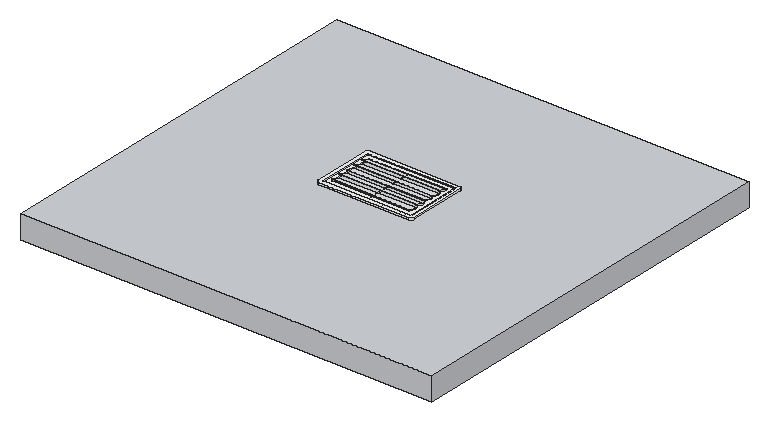
Revit family "111111002403001", category Modelos genéricos, Revit 2018
Family settings
  Anfitrión = Cara
  Puede alojar armadura = No
  Cota de conector redondo = Diámetro de uso
  Tipo de pieza = Normal
  Corte con vacíos al cargar = No
  Compartido = No
  Punto de cálculo de habitación = No
Parameters (values of type "CELOSIA BEAGLE PAI 30X20CM BLANCO")
  Ventajas = ""
  Uso = "Se utiliza como sistema de ventilación en Puertas, Shaft, Muro y Tina"
  Url Ficha tecnica = "https://empresascnp.cl/wp-content/uploads//pdf/ficha-tecnica-celosia-beagle-pai-25x12-5cm-blanco.pdf"
  Unidad = "Cajas de 50 Unidades"
  URL = "https://www.empresascnp.cl/"
  Num SKUs = "111111002403001"
  Nombre SKU = "CELOSIA BEAGLE PAI 30X20CM BLANCO"
  Model = "CELOSIA BEAGLE PAI"
  Material = PP Blanco
  Largo = 300.00 mm
  Espesor = 1.00 mm
  Empresa = "CNP SPA."
  Elevación por defecto = 1000.00 mm
  Dureza = ""
  Dimension = 200.00 mm
  Description = ""
  Assembly Code = ""
  Contacto = "info@empresascnp.cl"
  Color = "Blanco"
  Aplicacion = ""
Reference planes
  plane 1: z = 0
  plane 2 "level above": z = 15
  plane 3 "level below": z = -50
  plane 4 "izq": x = -176.738
  plane 5: y = 105.02
  plane 6: y = 5.02
  plane 7: y = 15.02
  plane 8: y = -4.98
  plane 9: x = -26.738
  plane 10: x = -16.738
  plane 11: x = -36.738
  plane 12: y = -94.98
  plane 13 "2": x = 123.262
  plane 14: y = 92.939
  plane 15: x = -164.656
  plane 16: y = 60.771
  plane 17: y = 28.604
  plane 18: y = -3.563
  plane 19: y = -35.73
Forms (mm)
  Extrusion 1, solid
    sketch origin (0, 0, 0) x (1, 0, 0) y (0, 1, 0)
      loop
        line (-644.525, 571.5) -> (-644.525, -666.75) -> (644.525, -666.75) -> (644.525, 571.5) -> (-644.525, 571.5)
    from 0 to -72.672
  Revolve 2, void, not visible
    sketch origin (-150.829, 0, 5) x (-1, 0, 0) y (0, 1, 0)
      loop
        line (-149.164, 92.939) -> (-149.164, 94.562) -> (-184.164, 94.562) -> (-184.164, 77.939) -> (-164.164, 77.939)
        arc (-164.164, 77.939) -> (-159.771, 88.545) -> (-149.164, 92.939) r 15
      axis (-149.164, 94.562) -> (-149.164, 77.939)
    angle from 0 to -90
  Extrusion 3, solid, not visible
    sketch origin (-176.738, 0, 5) x (0, 1, 0) y (0, 0, 1)
      loop
        line (77.939, 15) -> (77.939, 0) -> (92.939, 0)
        arc (92.939, 0) -> (88.545, 10.607) -> (77.939, 15) r 15
    from 12.574 to 190.074
  Revolve 4, void, not visible
    sketch origin (0, 0, 5) x (1, 0, 0) y (0, 1, 0)
      loop
        line (-149.164, 92.939) -> (-149.164, 94.493) -> (-184.164, 94.493) -> (-184.164, 77.939) -> (-164.164, 77.939)
        arc (-164.164, 77.939) -> (-159.771, 88.545) -> (-149.164, 92.939) r 15
      axis (-149.164, 94.493) -> (-149.164, 77.939)
    angle from 0 to -90
  Extrusion 5, solid, material "PP Blanco" <- "Material"
    sketch origin (248.223, 193.933, -15) x (1, 0, 0) y (0, 1, 0)
      loop
        arc (-414.962, -88.913) -> (-422.033, -91.842) -> (-424.962, -98.913) r 10
        line (-424.962, -98.913) -> (-424.962, -278.913)
        arc (-424.962, -278.913) -> (-422.033, -285.984) -> (-414.962, -288.913) r 10
        line (-414.962, -288.913) -> (-134.962, -288.913)
        arc (-134.962, -288.913) -> (-127.891, -285.984) -> (-124.962, -278.913) r 10
        line (-124.962, -278.913) -> (-124.962, -98.913)
        arc (-124.962, -98.913) -> (-127.891, -91.842) -> (-134.962, -88.913) r 10
        line (-134.962, -88.913) -> (-414.962, -88.913)
      loop
        line (-412.88, -100.995) -> (-412.88, -276.831) -> (-137.043, -276.831) -> (-137.043, -100.995) -> (-412.88, -100.995)
    from 15 to 20
  Extrusion 6, solid, material "PP Blanco" <- "Material"
    sketch origin (0, 0, 0) x (1, 0, 0) y (0, 1, 0)
      loop
        line (-164.656, 92.939) -> (-164.656, -82.898) -> (111.18, -82.898) -> (111.18, 92.939) -> (-164.656, 92.939)
      loop
        line (-149.656, 77.939) -> (-149.656, -67.898) -> (96.18, -67.898) -> (96.18, 77.939) -> (-149.656, 77.939)
    from 0 to 3
  Extrusion 7, solid, material "PP Blanco" <- "Material"
    sketch origin (248.223, 183.933, -15) x (1, 0, 0) y (0, 1, 0)
      loop
        line (-275.242, -105.995) -> (-275.242, -251.831) -> (-274.332, -251.831) -> (-274.332, -105.995) -> (-275.242, -105.995)
    from 15 to 16.503
  Extrusion 8, solid, material "PP Blanco" <- "Material"
    sketch origin (0, 53.344, 7.316) x (1, 0, 0) y (0, 0.956305, -0.292372)
      loop
        line (96.18, 24.811) -> (-149.656, 24.811) -> (-149.656, -2.088) -> (96.18, -2.088) -> (96.18, 24.811)
    from 1.407 to 2.175
  Extrusion 9, solid, material "PP Blanco" <- "Material"
    sketch origin (0, -66.312, 7.316) x (1, 0, 0) y (0, 0.956305, -0.292372)
      loop
        line (96.18, 24.811) -> (-149.656, 24.811) -> (-149.656, -2.088) -> (96.18, -2.088) -> (96.18, 24.811)
    from 1.407 to 2.175
  Extrusion 10, solid, material "PP Blanco" <- "Material"
    sketch origin (0, 23.43, 7.316) x (1, 0, 0) y (0, 0.956305, -0.292372)
      loop
        line (96.18, 24.811) -> (-149.656, 24.811) -> (-149.656, -2.088) -> (96.18, -2.088) -> (96.18, 24.811)
    from 1.407 to 2.175
  Extrusion 11, solid, material "PP Blanco" <- "Material"
    sketch origin (0, -6.484, 7.316) x (1, 0, 0) y (0, 0.956305, -0.292372)
      loop
        line (96.18, 24.811) -> (-149.656, 24.811) -> (-149.656, -2.088) -> (96.18, -2.088) -> (96.18, 24.811)
    from 1.407 to 2.175
  Extrusion 12, solid, material "PP Blanco" <- "Material"
    sketch origin (0, -36.398, 7.316) x (1, 0, 0) y (0, 0.956305, -0.292372)
      loop
        line (96.18, 24.811) -> (-149.656, 24.811) -> (-149.656, -2.088) -> (96.18, -2.088) -> (96.18, 24.811)
    from 1.407 to 2.175
Lines and regions (mm)
  model lines, not visible
    curve 1: line (-164.164, 92.939, 0) -> (13.336, 92.939, 0)
    curve 2: line (13.336, 92.939, 0) -> (13.336, 77.939, 0)
    curve 3: line (13.336, 77.939, 0) -> (-164.164, 77.939, 0)
    curve 4: line (-164.164, 77.939, 0) -> (-164.164, 92.939, 0)
Dimensions and locks
  locked: plane 2 "level above" to level at 15
  locked: level to plane 3 "level below" at 50
  equal spacing: plane 12, plane 6, plane 5
  equal spacing: plane 7, plane 6, plane 8, locked at 10 each
  equal spacing: plane 4 "izq", plane 9, plane 13 "2"
  plane 11 to plane 9 to plane 10 = 10.00 mm locked, 10.00 mm locked
  equal spacing: group 3, group 5, group 6, group 7, group 4  (x2)
  equal spacing: group 4, group 7, group 6, group 5, group 3
  aligned and locked: plane 1 to Extrusion 1
  aligned and locked: level to Extrusion 1
Automatic sketch dimensions
  Extrusion 1 sketch curve to Extrusion 1 sketch curve = 1289.05 mm
  Extrusion 1 sketch curve to Extrusion 1 sketch curve = 1238.25 mm
  Extrusion 5 sketch curve to plane 4 "izq" = 0.00 mm
  plane 12 to Extrusion 5 sketch curve = 0.00 mm
  plane 5 to Extrusion 5 sketch curve = 0.00 mm
  Extrusion 5 sketch curve to plane 15 = 0.00 mm
  plane 14 to Extrusion 5 sketch curve = 0.00 mm
  Extrusion 5 sketch curve to plane 13 "2" = 0.00 mm
  Extrusion 5 sketch curve to plane 15 = 2.082 mm  (x2)
  Extrusion 5 sketch curve to plane 13 "2" = 12.082 mm
  Extrusion 5 sketch curve to plane 13 "2" = 10.00 mm  (x2)
  Extrusion 5 sketch curve to Extrusion 5 sketch curve = 2.082 mm
  plane 9 to Extrusion 7 sketch curve = 0.28 mm
  Extrusion 7 sketch curve to plane 9 = 0.629 mm
  Extrusion 7 sketch curve to plane 8 = 62.918 mm
  plane 14 to Extrusion 7 sketch curve = 15.00 mm
  Extrusion 6 sketch curve to plane 15 = 0.00 mm
  plane 14 to Extrusion 6 sketch curve = 0.00 mm
  Extrusion 6 sketch curve to plane 13 "2" = 12.082 mm
  plane 14 to Extrusion 6 sketch curve = 15.00 mm
  Extrusion 6 sketch curve to plane 12 = 12.082 mm
  plane 15 to Extrusion 6 sketch curve = 15.00 mm
  Extrusion 6 sketch curve to Extrusion 6 sketch curve = 15.00 mm  (x2)
  Extrusion 8 sketch curve to Extrusion 8 sketch curve = 245.836 mm
  Extrusion 8 sketch curve to Extrusion 8 sketch curve = 26.90 mm
  Extrusion 9 sketch curve to Extrusion 9 sketch curve = 245.836 mm
  Extrusion 9 sketch curve to Extrusion 9 sketch curve = 26.90 mm
  Extrusion 10 sketch curve to Extrusion 10 sketch curve = 245.836 mm
  Extrusion 10 sketch curve to Extrusion 10 sketch curve = 26.90 mm
  Extrusion 11 sketch curve to Extrusion 11 sketch curve = 245.836 mm
  Extrusion 11 sketch curve to Extrusion 11 sketch curve = 26.90 mm
  Extrusion 12 sketch curve to Extrusion 12 sketch curve = 245.836 mm
  Extrusion 12 sketch curve to Extrusion 12 sketch curve = 26.90 mm
